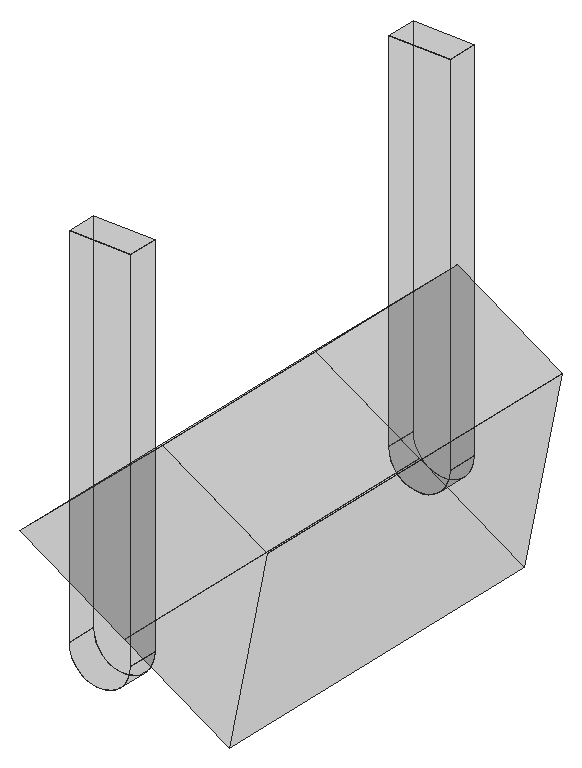
Revit family "M_Luminária embutida - Spot", category Luminárias, Revit 2019
Family settings
  Hospedeiro = Forro
  Cota do conector redondo = Utilizar diâmetro
  Tipo de parte = Normal
  Número OmniClass = 23.80.70.11.14.11
  Título OmniClass = Downlights
  ID de item do Seek = Downlight - Spot-0000-CAN-ENU
  Sempre na vertical = Não
  Corte com vazios quando carregada = Não
  Fonte luminosa = Sim
  Compartilhado = Não
  Ponto de cálculo do ambiente = Não
Parameters (values of type "60 Graus de inclinação - 120V")
  Wattage = 40 W
  built-in parameter 1150110 = 1 (stored number, unit not read)
  built-in parameter 1114217 = 0.88 (stored number, unit not read)
  built-in parameter 1150109 = 1 (stored number, unit not read)
  built-in parameter 1150134 = 8
  built-in parameter 1150113 = 1 (stored number, unit not read)
  Classificação de carga = Iluminação - Unidade de interrupção
  Angulo de encaixe = 60.00°
  Arquivo de rede fotométrica = "DS1T5.IES"
  built-in parameter 1150115 = 1 (stored number, unit not read)
  built-in parameter 1150105 = 250.67 (stored number, unit not read)
  built-in parameter 1150137 = 1
  built-in parameter 1150139 = (empty or 0)
  Largura da lâmpada = 100 mm
  built-in parameter 1150112 = 1 (stored number, unit not read)
  built-in parameter 1150114 = 1 (stored number, unit not read)
  built-in parameter 1150132 = (empty or 0)
  built-in parameter 1150102 = (empty or 0)
  built-in parameter 1150138 = (empty or 0)
  built-in parameter 1150107 = 4230 (stored number, unit not read)
  built-in parameter 1150106 = 2.5067 (stored number, unit not read)
  built-in parameter 1150104 = 7.3161 (stored number, unit not read)
  Dimming Lamp Color Temperature Shift = (empty or 0)
  Color Filter = 16777215
  Voltagem do transformador = 120 V
  Transformador por número de postes = 1
  built-in parameter 1114218 = 0.88 (stored number, unit not read)
  built-in parameter 1150133 = 10 (stored number, unit not read)
  Código de montagem = "D5020230"
  Altura da lâmpada = 75 mm
  Lamp = ""
  Material do armário de luz = Plástico, Preto Opaco
  Lumens = 3150 lm
  Tilt Angle = -120.00°
  Comentários de voltagem = "40"
  Meia largura da lâmpada = Largura da lâmpada / 2  # 50 mm
  Carga aparente = 40 VA
Types (7, lengths in mm): name | Angulo de encaixe | Voltagem do transformador | Tilt Angle
  (no name) | 60.00° | 120 V | -120.00°
  90 Graus de inclinação - 277V | 90.00° | 277 V | -90.00°
  75 Graus de inclinação - 277V | 75.00° | 277 V | -105.00°
  60 Graus de inclinação - 120V | 60.00° | 120 V | -120.00°
  60 Graus de inclinação - 277V | 60.00° | 277 V | -120.00°
  75 Graus de inclinação - 120V | 75.00° | 120 V | -105.00°
  90 Graus de inclinação - 120V | 90.00° | 120 V | -90.00°
Reference planes
  plane 1 "Eixo de origem da luz": y = 0
  plane 2 "Forro": z = 2438.4
  plane 3 "Eixo de origem da luz": x = 0
  plane 4 "Elevação da origem da luz": z = 2286
Forms (mm)
  Extrusion 1, solid, material "Plástico, Preto Opaco" <- "Material do armário de luz"
    sketch origin (0, 152.4, 0) x (0, 0, -1) y (1, 0, 0)
      loop
        line (-2363.452, 15.863) -> (-2311, -43.288) -> (-2286, 0.014) -> (-2261, 43.315) -> (-2338.452, 59.164) -> (-2363.452, 15.863)
    from 76.2 to 228.6
  Extrusion 2, solid, material "Plástico, Preto Opaco" <- "Material do armário de luz"
    sketch origin (0, -76.2, 0) x (0, 0, -1) y (1, 0, 0)
      loop
        line (-2438.4, -12.7) -> (-2286, -12.7)
        arc (-2286, -12.7) -> (-2273.3, 0) -> (-2286, 12.7) r 12.7
        line (-2286, 12.7) -> (-2438.4, 12.7) -> (-2438.4, -12.7)
    from 0 to 12.7
  Extrusion 3, solid, material "Plástico, Preto Opaco" <- "Material do armário de luz"
    sketch origin (0, 101.6, 0) x (0, 0, -1) y (1, 0, 0)
      loop
        line (-2438.4, -12.7) -> (-2286, -12.7)
        arc (-2286, -12.7) -> (-2273.3, 0) -> (-2286, 12.7) r 12.7
        line (-2286, 12.7) -> (-2438.4, 12.7) -> (-2438.4, -12.7)
    from 12.7 to 25.4
Lines and regions (mm)
  model lines
    curve 1: line (-50.786, 76.2, 2438.4) -> (50.814, 76.2, 2438.4)
    curve 2: line (-50.786, -76.2, 2438.4) -> (-50.786, 76.2, 2438.4)
    curve 3: line (50.814, -76.2, 2438.4) -> (-50.786, -76.2, 2438.4)
    curve 4: line (50.814, 76.2, 2438.4) -> (50.814, -76.2, 2438.4)
  symbolic lines
    curve 5: line (-12.7, 88.9, 2438.4) -> (12.7, 88.9, 2438.4)
    curve 6: line (-12.7, 76.2, 2438.4) -> (-12.7, 88.9, 2438.4)
    curve 7: line (12.7, 88.9, 2438.4) -> (12.7, 76.2, 2438.4)
    curve 8: line (-12.7, -76.2, 2438.4) -> (-12.7, -88.9, 2438.4)
    curve 9: line (-12.7, -88.9, 2438.4) -> (12.7, -88.9, 2438.4)
    curve 10: line (12.7, -88.9, 2438.4) -> (12.7, -76.2, 2438.4)
    curve 11: line (-50.786, 0, 2438.4) -> (0.014, 0, 2438.4)
    curve 12: line (-50.786, 25.4, 2438.4) -> (0.014, 25.4, 2438.4)
    curve 13: line (-50.786, 50.8, 2438.4) -> (0.014, 50.8, 2438.4)
    curve 14: line (-50.786, -25.4, 2438.4) -> (0.014, -25.4, 2438.4)
    curve 15: line (-50.786, -50.8, 2438.4) -> (0.014, -50.8, 2438.4)
    curve 16: line (0.014, 76.2, 2438.4) -> (0.014, -76.2, 2438.4)
Text (mm)
  text "0 Ângulo de inclinação" at (-1482.244, 236.007, 2133.6), in view "Nível de referência"
  text "180 Ângulo de inclinação" at (653.058, 236.007, 2133.6), in view "Nível de referência"
Dimensions and locks
  equal spacing: host sketch curve, plane 3 "Eixo de origem da luz", host sketch curve
  equal spacing: host sketch curve, plane 1 "Eixo de origem da luz", host sketch curve
  host sketch curve to host sketch curve = 3048 mm  (x2)
  "Altura da lâmpada": Extrusion 1 sketch curve to Extrusion 1 sketch curve
  "Meia largura da lâmpada": Extrusion 1 sketch curve to Extrusion 1 sketch curve  (x2)
  "Angulo de encaixe": angle plane 3 "Eixo de origem da luz" to Extrusion 1 sketch curve
  angle Extrusion 1 sketch curve to Extrusion 1 sketch curve = 71.5651°  (x2)
  angle Extrusion 1 sketch curve to Extrusion 1 sketch curve = 108.435°  (x2)
  aligned and locked: plane 3 "Eixo de origem da luz" to imposter light
  aligned and locked: plane 1 "Eixo de origem da luz" to imposter light
  aligned and locked: plane 4 "Elevação da origem da luz" to imposter light
Automatic sketch dimensions
  Extrusion 2 sketch curve to plane 2 "Forro" = 0 mm
  Extrusion 2 sketch curve to plane 4 "Elevação da origem da luz" = 0 mm
  Extrusion 2 sketch curve to plane 3 "Eixo de origem da luz" = 0 mm
  Extrusion 2 sketch curve to plane 3 "Eixo de origem da luz" = 12.7 mm
  Extrusion 1 sketch curve to plane 4 "Elevação da origem da luz" = 0 mm
  plane 3 "Eixo de origem da luz" to Extrusion 1 sketch curve = 0.014 mm
  curve 11 to plane 1 "Eixo de origem da luz" = 0 mm
  plane 3 "Eixo de origem da luz" to curve 11 = 0.014 mm
  curve 8 to plane 3 "Eixo de origem da luz" = 12.7 mm
  curve 5 to plane 3 "Eixo de origem da luz" = 12.7 mm
  curve 11 to plane 3 "Eixo de origem da luz" = 50.786 mm
  plane 3 "Eixo de origem da luz" to curve 7 = 12.7 mm
  plane 3 "Eixo de origem da luz" to curve 10 = 12.7 mm
  curve 10 to curve 3 = 38.114 mm
  plane 1 "Eixo de origem da luz" to curve 14 = 25.4 mm
  curve 15 to curve 14 = 25.4 mm
  curve 4 to curve 15 = 25.4 mm
  curve 8 to curve 8 = 12.7 mm
  curve 12 to plane 1 "Eixo de origem da luz" = 25.4 mm
  curve 12 to curve 13 = 25.4 mm
  curve 13 to curve 4 = 25.4 mm
  curve 7 to curve 5 = 12.7 mm
Connectors
  electrical at (37.514, 0, 2350.952), driven by "Carga aparente", driven by "Voltagem do transformador", driven by "Transformador por número de postes", driven by "Classificação de carga"
    settings: on Extrusion 1, index 1, voltage 120 V, apparent load 0 VA, apparent load phase1 40 VA, apparent load phase2 0 VA, apparent load phase3 0 VA, power factor 0.95, load classification "Iluminação - Unidade de interrupção", number of poles 1, system type 31, power factor state 1, is connector primary yes, connector utility no, sub classification motor no, connector description ""
